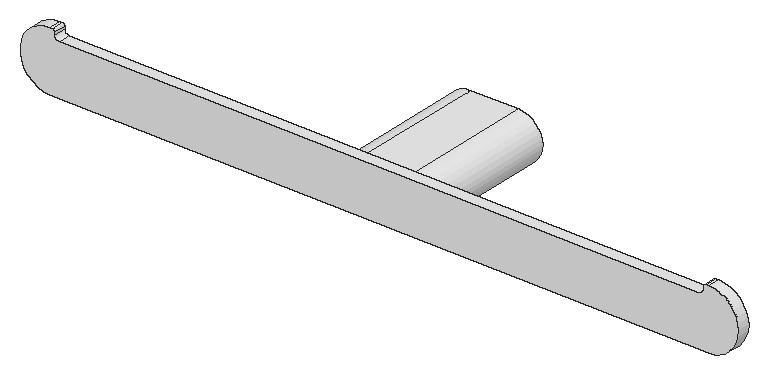
Revit family "rba-bim-rba1631-122", category Plumbing Fixtures, Revit 2016
Family settings
  Part Type = Normal
  Round Connector Dimension = Use Diameter
  Work Plane-Based = No
  Always vertical = Yes
  Cut with Voids When Loaded = No
  Shared = Yes
  Room Calculation Point = No
Parameters (values of type "RBA1631-122")
  Watermarked By = "www.rba.com.au"
  Waste Connection = yes
  Vent Connection = yes
  URL = ""
  Phone Number = "1300 788 778"
  Modified Issue = "20190220.01"
  Model = "RBA1631-122"
  Materials and Finishes = Heavy Duty Brass in a Bright Chrome Finish
  Manufacturer Model = ""
  Manufacturer = "RBA Group"  # constant formula
  HW Connection = yes
  Description = "ōken Double Toilet Roll Holder"
  Copyright by = "RBA Group"  # constant formula
  CW Connection = yes
Reference planes
  plane 1 "Center (Front/Back)": y = 0
  plane 2: z = 0
  plane 3 "Center (Left/Right)": x = 0
  plane 4: x = 150
  plane 5: x = -150
Forms (mm)
  Extrusion 1, solid, material "Heavy Duty Brass in a Bright Chrome Finish" <- "Materials and Finishes"
    sketch origin (0, 0, 0) x (1, 0, 0) y (0, 0, 1)
      loop
        arc (-137.5, 25) -> (-150, 12.5) -> (-137.5, 0) r 12.5
        line (-137.5, 0) -> (137.5, 0)
        arc (137.5, 0) -> (150, 12.5) -> (137.5, 25) r 12.5
        line (137.5, 25) -> (136.5, 25)
        arc (136.5, 25) -> (135.793, 24.707) -> (135.5, 24) r 1
        line (135.5, 24) -> (135.5, 23)
        arc (135.5, 23) -> (134.914, 21.586) -> (133.5, 21) r 2
        line (133.5, 21) -> (-133.5, 21)
        arc (-133.5, 21) -> (-134.914, 21.586) -> (-135.5, 23) r 2
        line (-135.5, 23) -> (-135.5, 24)
        arc (-135.5, 24) -> (-135.793, 24.707) -> (-136.5, 25) r 1
        line (-136.5, 25) -> (-137.5, 25)
    from 55 to 60
  Extrusion 2, solid, material "Heavy Duty Brass in a Bright Chrome Finish" <- "Materials and Finishes"
    sketch origin (-1.5, 0, 0) x (1, 0, 0) y (0, 0, 1)
      loop
        arc (-8.5, 20) -> (-18.5, 10) -> (-8.5, 0) r 10
        line (-8.5, 0) -> (11.5, 0)
        arc (11.5, 0) -> (21.5, 10) -> (11.5, 20) r 10
        line (11.5, 20) -> (-8.5, 20)
    from 0 to 55
Dimensions and locks
  aligned and locked: plane 2 to level
